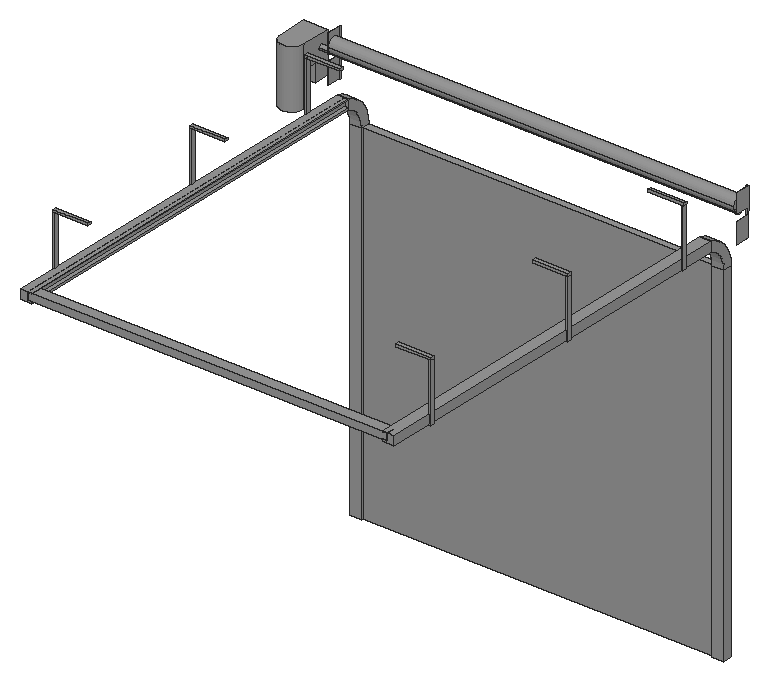
Revit family "cekchionnie_protivopozarnie_vorota_firetecnics_ei60", category Двери, Revit 2018
Family settings
  Основа = Стена
  Номер OmniClass = 23.30.10.00
  Заголовок OmniClass = Doors
  Всегда вертикально = Да
  При загрузке вырезать с полостями = Нет
  Общий = Нет
  Точка расчета площади = Нет
Parameters (values of type "Секционные противопожарные ворота FireTechnics EI60")
  Ширина полотна = 60 mm  # constant formula
  Диаметр втулки = 20 mm
  дальняя точка мотора = 450 mm  # constant formula
  высота верхней направляющей = 200 mm  # constant formula
  Ширина направляющих = 100 mm  # constant formula
  Ширина люка = 200 mm  # constant formula
  Ширина двери = 1000 mm  # constant formula
  Ширина верхней направляющей = ADSK_Размер_Высота + 600 mm  # 3600 mm
  Функция = Внутренние слои
  Разработано = "support@bimlib.ru"  # constant formula
  Противопожарный лючок [instance] = no
  Противопожарная дверь есть [instance] = no
  Огнестойкость = "EI60"
  Материал полотна = Firetech полотно
  Материал направляющих = Сталь_оцинкованная_листовая
  Крепеж на стену = 250 mm  # constant formula
  Изготовитель = "Firetechnics"  # constant formula
  Длина направляющей = 75.5 mm  # constant formula
  Глубина выступа = 40 mm  # constant formula
  Высота мотора = 500 mm  # constant formula
  Высота лючка = 200 mm  # constant formula
  Высота кронштейна [instance] = 500 mm
  Высота двери = 2000 mm  # constant formula
  Height = ADSK_Размер_Высота  # 3000 mm
  Замыкание стены = По основе
  Width = ADSK_Размер_Ширина  # 3000 mm
  Ворота закрыто [instance] = yes
  Видимость2 [instance] = and(Ворота закрыто, Противопожарный лючок)  # no
  Видимость1 [instance] = and(Ворота закрыто, Противопожарная дверь есть)  # no
  Верхнее полотно видимость [instance] = and(Ворота закрыто, Верхнее полотно)  # no
  Верхнее полотно [instance] = not(Ворота закрыто)  # no
  Аналитическая конструкция = "<Нет>"
  URL = "https://www.fire-tec.ru/"
  ADSK_Размер_Ширина = 3000 mm
  ADSK_Размер_Высота = 3000 mm
  ADSK_Примечание [instance] = ""
  ADSK_Предел огнестойкости = "EI60"
  ADSK_Позиция [instance] = ""
  ADSK_Обозначение = ""
  ADSK_Наименование = "Секционные противопожарные ворота FireTechnics EI60"
  ADSK_Масса_Текст = ""
  ADSK_Завод-изготовитель = Изготовитель  # "Firetechnics"
  ADSK_Единица измерения = ""
  ADSK_URL страницы изделия = "https://www.fire-tec.ru/catalog/protivopozharnye-vorota/sektsionnye-protivopozharnye-vorota/"
  ADSK_URL документации изделия = ""
Reference planes
  plane 1: y = 0
  plane 2 "По центру (Влево/Вправо)": x = 0
  plane 3 "Слева": x = -1500
  plane 4 "Справа": x = 1500
  plane 5: z = 3000
  plane 6 "Наружный": y = 75
  plane 7 "Внутренние": y = -72.954
  plane 8: x = -1750
  plane 9: x = 1750
  plane 10: x = -1950
  plane 11: x = -1600
  plane 12: x = 1600
  plane 13: y = -148.454
  plane 14: y = -78.839
  plane 15: y = -138.839
  plane 16: x = 1540
  plane 17: x = -1540
  plane 18: z = 3200
  plane 19: z = 3500
  plane 20: z = 3280
  plane 21: z = 3275
  plane 22: z = 3215
  plane 23: y = -3672.954
  plane 24: y = -3448.125
  plane 25: y = -280.885
  plane 26: y = -3573.125
  plane 27: z = 3500
  plane 28: x = -735
  plane 29: x = 735
  plane 30: x = -500
  plane 31: x = 500
  plane 32: x = 1200
  plane 33: x = 1400
  plane 34: z = 279.862
  plane 35: z = 79.862
  plane 36: z = 2000
  plane 37: x = -1850
  plane 38: x = -1735
  plane 39: x = 1735
  plane 40: y = -3272.954
  plane 41: z = 3200
  plane 42: z = 3240
  plane 43: z = 3700
  plane 44: z = 3720
  plane 45: x = -1617
  plane 46: x = -1317
  plane 47: x = 1317
  plane 48: x = 3117
  plane 49: y = -543.594
  plane 50: y = -573.636
  plane 51: y = -3272.912
  plane 52: y = -3302.954
  plane 53: x = 1620
  plane 54: y = -3302.912
  plane 55: x = -1617
  plane 56: y = -603.636
  plane 57: y = -1836.477
  plane 58: y = -1806.477
Forms (mm)
  Extrusion 1, void
    sketch origin (0, 0, 0) x (1, 0, 0) y (0, 1, 0)
      loop
        line (-1500, 77.046) -> (-1500, -72.954) -> (-2560, -72.954) -> (-2560, -4749.168) -> (4340, -4749.168) -> (4340, -72.954) -> (1500, -72.954) -> (1500, 77.046) -> (-1500, 77.046)
    from 0 to 3000
  Extrusion 2, solid, material "Сталь_оцинкованная_листовая" <- "Материал направляющих"
    sketch origin (0, 0, 0) x (1, 0, 0) y (0, 1, 0)
      loop
        line (-1500, -78.839) -> (-1500, -72.954) -> (-1600, -72.954) -> (-1600, -148.454) -> (-1500, -148.454) -> (-1500, -138.839) -> (-1540, -138.839) -> (-1540, -78.839) -> (-1500, -78.839)
    from 0 to 3000
  Extrusion 3, solid, material "Сталь_оцинкованная_листовая" <- "Материал направляющих"
    sketch origin (0, 0, 0) x (1, 0, 0) y (0, 1, 0)
      loop
        line (1600, -72.954) -> (1500, -72.954) -> (1500, -78.839) -> (1540, -78.839) -> (1540, -138.839) -> (1500, -138.839) -> (1500, -148.454) -> (1600, -148.454) -> (1600, -72.954)
    from 0 to 3000
  Extrusion 4, solid, material "Firetech полотно" <- "Материал полотна", visible <- "Ворота закрыто"
    sketch origin (0, 0, 0) x (1, 0, 0) y (0, 1, 0)
      loop
        line (-1540, -78.839) -> (-1540, -138.839) -> (1540, -138.839) -> (1540, -78.839) -> (-1540, -78.839)
    from 0 to 3000
  Extrusion 5, solid, material "Сталь_оцинкованная_листовая" <- "Материал направляющих"
    sketch origin (0, 75, 0) x (1, 0, 0) y (0, 0, 1)
      loop
        line (1500, 3275) -> (1540, 3275) -> (1540, 3215) -> (1500, 3215) -> (1500, 3200) -> (1600, 3200) -> (1600, 3280) -> (1500, 3280) -> (1500, 3275)
      loop
        line (-1500, 3275) -> (-1500, 3280) -> (-1600, 3280) -> (-1600, 3200) -> (-1500, 3200) -> (-1500, 3215) -> (-1540, 3215) -> (-1540, 3275) -> (-1500, 3275)
    from 355.885 to 3747.954
  Extrusion 6, solid, material "Firetech полотно" <- "Материал полотна", visible <- "Верхнее полотно"
    sketch origin (0, 75, 0) x (1, 0, 0) y (0, 0, 1)
      loop
        line (1540, 3275) -> (-1540, 3275) -> (-1540, 3215) -> (1540, 3215) -> (1540, 3275)
    from 355.885 to 3523.125
  Extrusion 7, solid, material "Сталь_оцинкованная_листовая" <- "Материал направляющих"
    sketch origin (0, 0, 0) x (0, 1, 0) y (0, 0, 1)
      loop
        line (-148.454, 3000) -> (-72.954, 3000)
        arc (-72.954, 3000) -> (-126.773, 3177.239) -> (-280.885, 3280) r 274.653
        line (-280.885, 3280) -> (-280.885, 3200)
        arc (-280.885, 3200) -> (-184.574, 3119.928) -> (-148.454, 3000) r 217.303
    from 1500 to 1600
  Extrusion 8, solid, material "Сталь_оцинкованная_листовая" <- "Материал направляющих"
    sketch origin (0, 0, 0) x (0, 1, 0) y (0, 0, 1)
      loop
        line (-3672.954, 3275) -> (-3672.954, 3215) -> (-3573.125, 3215) -> (-3573.125, 3275) -> (-3672.954, 3275)
    from -1540 to 1540
  Extrusion 9, solid, material "Сталь_оцинкованная_листовая" <- "Материал направляющих"
    sketch origin (0, 0, 0) x (0, 1, 0) y (0, 0, 1)
      loop
        circle (-148.454, 3500) r 20
    from -1850 to 1735
  Extrusion 10, solid, material "Сталь_оцинкованная_листовая" <- "Материал направляющих"
    sketch origin (0, 0, 0) x (0, 1, 0) y (0, 0, 1)
      loop
        circle (-148.454, 3557.01) r 60
    from -1735 to 1735
  Extrusion 11, solid, material "Firetech полотно" <- "Материал полотна", visible <- "Видимость2"
    sketch origin (0, 0, 0) x (1, 0, 0) y (0, 1, 0)
      loop
        line (1200, -78.839) -> (1200, -138.839) -> (1400, -138.839) -> (1400, -78.839) -> (1200, -78.839)
    from 79.862 to 279.862
  Extrusion 12, solid, material "Firetech полотно" <- "Материал полотна", visible <- "Видимость1"
    sketch origin (0, 0, 0) x (1, 0, 0) y (0, 1, 0)
      loop
        line (-500, -78.839) -> (-500, -138.839) -> (500, -138.839) -> (500, -78.839) -> (-500, -78.839)
    from 79.862 to 2000
  Extrusion 13, solid, material "Сталь_оцинкованная_листовая" <- "Материал направляющих", detail levels fine
    sketch origin (-2, -215.381, 0) x (1, 0, 0) y (0, 1, 0)
      loop
        line (-1600, -358.256) -> (-1615, -358.256) -> (-1615, -388.256) -> (-1600, -388.256) -> (-1600, -358.256)
      loop
        line (1604.116, -358.256) -> (1604.116, -388.256) -> (1619.116, -388.256) -> (1619.116, -358.256) -> (1604.116, -358.256)
    from 3200 to 3700
  Extrusion 14, solid, material "Сталь_оцинкованная_листовая" <- "Материал направляющих", detail levels fine
    sketch origin (-2, -3945.338, 0) x (1, 0, 0) y (0, 1, 0)
      loop
        line (-1598, 672.384) -> (-1613, 672.384) -> (-1613, 642.384) -> (-1598, 642.384) -> (-1598, 672.384)
      loop
        line (1604.116, 672.426) -> (1604.116, 642.426) -> (1619.116, 642.426) -> (1619.116, 672.426) -> (1604.116, 672.426)
    from 3700 to 3200
  Extrusion 15, solid, material "Сталь_оцинкованная_листовая" <- "Материал направляющих", detail levels fine
    sketch origin (0, -1094.239, 0) x (1, 0, 0) y (0, 1, 0)
      loop
        line (1600, -712.238) -> (1600, -742.238) -> (1620, -742.238) -> (1620, -712.238) -> (1600, -712.238)
      loop
        line (-1600, -712.238) -> (-1620, -712.238) -> (-1620, -742.238) -> (-1600, -742.238) -> (-1600, -712.238)
    from 3200 to 3700
  Extrusion 16, solid, material "Сталь_оцинкованная_листовая" <- "Материал направляющих", detail levels fine
    sketch origin (0, 0, 0) x (0, 1, 0) y (0, 0, 1)
      loop
        line (-3272.954, 3720) -> (-3302.912, 3720) -> (-3302.912, 3700) -> (-3272.954, 3700) -> (-3272.954, 3720)
      loop
        line (-1806.477, 3720) -> (-1836.477, 3720) -> (-1836.477, 3700) -> (-1806.477, 3700) -> (-1806.477, 3720)
    from -1617 to -1317
  Extrusion 17, solid, material "Сталь_оцинкованная_листовая" <- "Материал направляющих", detail levels fine
    sketch origin (0, 0, 0) x (0, 1, 0) y (0, 0, 1)
      loop
        line (-3302.912, 3720) -> (-3302.912, 3700) -> (-3272.912, 3700) -> (-3272.912, 3720) -> (-3302.912, 3720)
      loop
        line (-1836.477, 3720) -> (-1836.477, 3700) -> (-1806.477, 3700) -> (-1806.477, 3720) -> (-1836.477, 3720)
    from 1317 to 1620
  Extrusion 18, solid, material "Сталь_оцинкованная_листовая" <- "Материал направляющих", detail levels fine
    sketch origin (0, -30, 0) x (0, 1, 0) y (0, 0, 1)
      loop
        line (-543.594, 3720) -> (-573.636, 3720) -> (-573.636, 3700) -> (-543.594, 3700) -> (-543.594, 3720)
    from -1617 to -1317
  Extrusion 19, solid, material "Сталь_оцинкованная_листовая" <- "Материал направляющих", detail levels fine
    sketch origin (0, -30, 0) x (0, 1, 0) y (0, 0, 1)
      loop
        line (-573.636, 3720) -> (-573.636, 3700) -> (-543.636, 3700) -> (-543.636, 3720) -> (-573.636, 3720)
    from 1317 to 1620
  Extrusion 20, solid, material "Сталь_оцинкованная_листовая" <- "Материал направляющих"
    sketch origin (0, 0, 0) x (0, 1, 0) y (0, 0, -1)
      loop
        arc (-148.454, -3000) -> (-184.574, -3119.928) -> (-280.885, -3200) r 217.303
        line (-280.885, -3200) -> (-280.885, -3280)
        arc (-280.885, -3280) -> (-126.825, -3177.217) -> (-73.04, -3000) r 274.651
        line (-73.04, -3000) -> (-148.454, -3000)
    from 1500 to 1600
Cuts and joins
  joined: Extrusion 9, Extrusion 10
Lines and regions (mm)
  symbolic lines, style "Doors"
    curve 1: line (1750, -72.997, 0) -> (1750, -475, 0)
    curve 2: line (1750, -275, 0) -> (-2050, -275, 0)
    curve 3: line (-2050, -72.997, 0) -> (-2050, -543.435, 0)
Text (mm)
  text "Наружный" at (-2295.016, 1099.543, 0), in view "Опорный уровень"
  text "Наружный" at (0, 1615.38, 3698.081), in view "Слева"
  text "Наружный" at (0, 1036.032, 3874.932), in view "Справа"
Dimensions and locks
  equal spacing: plane 3 "Слева", plane 2 "По центру (Влево/Вправо)", plane 4 "Справа"
  "Width": plane 3 "Слева" to plane 4 "Справа"
  "Height": plane 5 to host wall
  host wall to plane 5 = 3000 mm  (x2)
  plane 6 "Наружный" to host wall = 2.046 mm
  locked: plane 7 "Внутренние" to host wall
  "Крепеж на стену": plane 8 to plane 3 "Слева"
  "дальняя точка мотора": plane 10 to plane 3 "Слева"
  "Крепеж на стену": plane 4 "Справа" to plane 9
  "Ширина направляющих": plane 11 to plane 3 "Слева"
  "Ширина направляющих": plane 4 "Справа" to plane 12
  "Длина направляющей": plane 7 "Внутренние" to plane 13
  "Ширина полотна": plane 14 to plane 15
  "высота верхней направляющей": plane 18 to plane 5
  "Высота мотора": plane 19 to plane 5
  locked: plane 20 to plane 18 at 80
  plane 20 to plane 21 = 5 mm
  locked: plane 7 "Внутренние" to plane 14 at 5.885
  plane 18 to plane 20 = 80 mm
  plane 21 to plane 20 = 5 mm
  "Ширина полотна": plane 22 to plane 21
  plane 23 to plane 24 = 224.83 mm
  plane 25 to plane 14 = 202.046 mm
  locked: nested 3 to plane 7 "Внутренние" at 180
  locked: nested 3 to plane 10 at 0
  locked: plane 27 to plane 19 at 0
  locked: cut or joined group of Extrusion 9, Extrusion 10 to plane 14 at 129.658
  "Диаметр втулки": Extrusion 9 sketch curve to plane 13
  "Ширина верхней направляющей": plane 23 to plane 7 "Внутренние"
  plane 23 to plane 26 = 99.83 mm
  locked: plane 33 to plane 4 "Справа" at 100
  "Ширина люка": plane 32 to plane 33
  equal spacing: plane 30, plane 2 "По центру (Влево/Вправо)", plane 31
  "Ширина двери": plane 30 to plane 31
  locked: nested 4 to plane 15
  locked: plane 14 to nested 5 at 0
  locked: nested 5 to plane 2 "По центру (Влево/Вправо)" at 359
  "Высота лючка": plane 34 to plane 35
  locked: plane 35 to level at 79.862
  Extrusion 1 to Extrusion 3 = 4060 mm
  "Высота двери": level to plane 36
  locked: nested 4 to plane 2 "По центру (Влево/Вправо)" at 358.88
  "Глубина выступа": plane 4 "Справа" to plane 16
  "Глубина выступа": plane 17 to plane 3 "Слева"
  locked: plane 4 "Справа" to plane 39 at 235
  locked: plane 38 to plane 3 "Слева" at 235
  locked: plane 3 "Слева" to plane 37 at 350
  locked: plane 40 to plane 23 at 400
  locked: plane 27 to plane 41 at 300
  plane 19 to plane 41 = 300 mm
  locked: plane 42 to plane 41 at 40
  locked: Extrusion 13 sketch curve to Extrusion 13 sketch curve at 15  (x2)
  locked: Extrusion 13 sketch curve to Extrusion 13 sketch curve at 30
  Extrusion 13 sketch curve to Extrusion 13 sketch curve = 30 mm
  locked: plane 12 to Extrusion 13 at 2.116
  Extrusion 13 to plane 7 "Внутренние" = 530.682 mm
  locked: Extrusion 13 to plane 11 at 2
  "Высота кронштейна": plane 43 to plane 41
  locked: plane 46 to plane 3 "Слева" at 183
  locked: plane 44 to plane 43 at 20
  locked: plane 4 "Справа" to plane 47 at 183
  locked: plane 45 to plane 46 at 300
  locked: plane 49 to plane 50 at 30.043
  locked: Extrusion 14 sketch curve to Extrusion 14 sketch curve at 15  (x2)
  locked: Extrusion 14 sketch curve to Extrusion 14 sketch curve at 30  (x2)
  locked: plane 40 to plane 51 at 0.043
  locked: plane 52 to plane 51 at 30.043
  plane 53 to Extrusion 3 = 20 mm
  locked: plane 40 to plane 54 at 29.957
  locked: plane 11 to plane 55 at 17
  locked: plane 12 to plane 53 at 20
  locked: plane 56 to plane 50 at 30
  locked: plane 58 to plane 57 at 30
  equal spacing: plane 1, plane 57, plane 23
  aligned and locked: host wall to Extrusion 1 sketch curve
  aligned and locked: Extrusion 1 sketch curve to plane 4 "Справа"
  aligned and locked: plane 3 "Слева" to Extrusion 1 sketch curve
  aligned and locked: Extrusion 1 sketch curve to host wall
  aligned and locked: plane 3 "Слева" to Extrusion 2 sketch curve
  aligned and locked: Extrusion 2 sketch curve to plane 17
  aligned and locked: Extrusion 2 sketch curve to plane 3 "Слева"
  aligned and locked: Extrusion 2 sketch curve to plane 7 "Внутренние"
  aligned and locked: plane 14 to Extrusion 2 sketch curve
  aligned and locked: plane 15 to Extrusion 2 sketch curve
  aligned and locked: Extrusion 2 sketch curve to plane 13
  aligned and locked: plane 11 to Extrusion 2 sketch curve
  aligned and locked: Extrusion 3 sketch curve to plane 7 "Внутренние"
  aligned and locked: plane 4 "Справа" to Extrusion 3 sketch curve  (x2)
  aligned and locked: plane 14 to Extrusion 3 sketch curve
  aligned and locked: Extrusion 3 sketch curve to plane 15
  aligned and locked: Extrusion 3 sketch curve to plane 16
  aligned and locked: plane 13 to Extrusion 3 sketch curve
  aligned and locked: plane 12 to Extrusion 3 sketch curve
  aligned and locked: Extrusion 4 sketch curve to Extrusion 2  (x2)
  aligned and locked: Extrusion 4 sketch curve to Extrusion 3  (x2)
  aligned and locked: Extrusion 4 to plane 5
  aligned and locked: Extrusion 2 to plane 5
  aligned and locked: Extrusion 3 to plane 5
  aligned and locked: plane 20 to Extrusion 5 sketch curve  (x2)
  aligned and locked: Extrusion 5 sketch curve to plane 3 "Слева"  (x2)
  aligned and locked: Extrusion 5 sketch curve to plane 21  (x2)
  aligned and locked: plane 17 to Extrusion 5 sketch curve
  aligned and locked: plane 22 to Extrusion 5 sketch curve  (x2)
  aligned and locked: Extrusion 5 sketch curve to plane 18  (x2)
  aligned and locked: Extrusion 5 sketch curve to plane 11
  aligned and locked: plane 16 to Extrusion 5 sketch curve
  aligned and locked: Extrusion 5 sketch curve to plane 4 "Справа"
  aligned and locked: Extrusion 5 sketch curve to plane 12
  aligned and locked: Extrusion 6 sketch curve to Extrusion 5  (x4)
  aligned and locked: Extrusion 5 to plane 23
  aligned and locked: Extrusion 6 to plane 24
  aligned and locked: plane 25 to Extrusion 6
  aligned and locked: Extrusion 5 to Extrusion 6
  aligned and locked: Extrusion 7 sketch curve to plane 5
  aligned and locked: plane 25 to Extrusion 7 sketch curve
  aligned and locked: plane 12 to Extrusion 7
  aligned and locked: plane 4 "Справа" to Extrusion 7
  aligned and locked: plane 16 to Extrusion 8
  aligned and locked: Extrusion 8 to plane 17
  aligned and locked: Extrusion 8 to Extrusion 5
  aligned and locked: nested 1 to plane 7 "Внутренние"
  aligned and locked: plane 9 to nested 1
  aligned and locked: nested 3 to plane 7 "Внутренние"
  aligned and locked: nested 3 to plane 27
  aligned and locked: plane 7 "Внутренние" to nested 2
  aligned and locked: plane 8 to nested 2
  aligned and locked: plane 27 to nested 1
  aligned and locked: nested 2 to plane 27
  aligned and locked: curve 1 to plane 9
  aligned and locked: Extrusion 8 sketch curve to plane 26
  aligned and locked: plane 21 to Extrusion 8
  aligned and locked: plane 22 to Extrusion 8
  aligned and locked: Extrusion 5 to Extrusion 8
  aligned and locked: plane 14 to Extrusion 11 sketch curve
  aligned and locked: plane 32 to Extrusion 11 sketch curve
  aligned and locked: Extrusion 11 sketch curve to plane 15
  aligned and locked: Extrusion 11 sketch curve to plane 33
  aligned and locked: Extrusion 12 sketch curve to plane 14
  aligned and locked: plane 30 to Extrusion 12 sketch curve
  aligned and locked: Extrusion 12 sketch curve to plane 31
  aligned and locked: plane 15 to Extrusion 12 sketch curve
  aligned and locked: Extrusion 11 to plane 34
  aligned and locked: plane 35 to Extrusion 11
  aligned and locked: Extrusion 1 to plane 5
  aligned and locked: Extrusion 12 to plane 36
  aligned and locked: Extrusion 12 to plane 35
  aligned and locked: cut or joined group of Extrusion 9, Extrusion 10 to plane 37
  aligned and locked: plane 38 to nested 2
  aligned and locked: cut or joined group of Extrusion 9, Extrusion 10 to plane 38
  aligned and locked: plane 39 to cut or joined group of Extrusion 9, Extrusion 10  (x2)
  aligned and locked: Extrusion 14 to plane 43
  aligned and locked: Extrusion 14 to plane 41
  aligned and locked: Extrusion 15 to plane 43
  aligned and locked: Extrusion 15 to plane 18
  aligned and locked: plane 44 to Extrusion 16 sketch curve  (x2)
  aligned and locked: Extrusion 16 sketch curve to plane 40
  aligned and locked: Extrusion 16 sketch curve to Extrusion 14  (x2)
  aligned and locked: Extrusion 16 sketch curve to Extrusion 15  (x2)
  aligned and locked: plane 55 to Extrusion 16
  aligned and locked: Extrusion 16 to plane 46
  aligned and locked: Extrusion 17 sketch curve to Extrusion 16  (x4)
  aligned and locked: Extrusion 17 sketch curve to Extrusion 14  (x2)
  aligned and locked: Extrusion 15 to Extrusion 17 sketch curve
  aligned and locked: Extrusion 17 sketch curve to Extrusion 15
  aligned and locked: plane 53 to Extrusion 17
  aligned and locked: Extrusion 17 to plane 47
  aligned and locked: plane 55 to Extrusion 18
  aligned and locked: Extrusion 18 to plane 46
  aligned and locked: Extrusion 19 sketch curve to Extrusion 18
  aligned and locked: Extrusion 19 to plane 53
  aligned and locked: plane 47 to Extrusion 19
  aligned and locked: Extrusion 18 to Extrusion 13
  aligned and locked: plane 56 to Extrusion 13
  aligned and locked: Extrusion 13 to plane 50
  aligned and locked: Extrusion 19 to Extrusion 13
  aligned and locked: Extrusion 19 to plane 50
  aligned and locked: plane 44 to Extrusion 19
  aligned and locked: plane 43 to Extrusion 19
  aligned and locked: Extrusion 13 to plane 43
  aligned and locked: Extrusion 13 to plane 41
  aligned and locked: Extrusion 15 to plane 57  (x2)
  aligned and locked: Extrusion 16 to plane 58
  aligned and locked: Extrusion 15 to plane 58  (x2)
  aligned and locked: Extrusion 20 to plane 11
  aligned and locked: Extrusion 20 to plane 3 "Слева"
  aligned and locked: nested 3 to curve 3
Automatic sketch dimensions
  host wall to Extrusion 1 sketch curve = 0 mm
  Extrusion 1 sketch curve to plane 10 = 610 mm
  plane 48 to Extrusion 1 sketch curve = 1223 mm
  Extrusion 1 sketch curve to plane 23 = 1076.214 mm
  plane 4 "Справа" to Extrusion 5 sketch curve = 0 mm
  Extrusion 7 sketch curve to plane 13 = 0 mm
  Extrusion 7 sketch curve to host wall = 0 mm
  Extrusion 7 sketch curve to plane 18 = 0 mm
  Extrusion 7 sketch curve to plane 20 = 0 mm
  Extrusion 7 sketch curve to plane 5 = 13.492 mm
  plane 5 to Extrusion 7 sketch curve = 0.043 mm
  Extrusion 8 sketch curve to plane 21 = 0 mm
  Extrusion 8 sketch curve to plane 23 = 0 mm
  plane 22 to Extrusion 8 sketch curve = 0 mm
  Extrusion 10 sketch curve to plane 13 = 0 mm
  plane 19 to Extrusion 10 sketch curve = 57.01 mm
  Extrusion 13 sketch curve to plane 45 = 0 mm
  Extrusion 13 sketch curve to plane 50 = 0 mm
  Extrusion 13 sketch curve to plane 56 = 0 mm
  plane 12 to Extrusion 13 sketch curve = 2.116 mm
  plane 40 to Extrusion 14 sketch curve = 0 mm
  Extrusion 14 sketch curve to plane 11 = 0 mm
  plane 51 to Extrusion 14 sketch curve = 0 mm
  plane 12 to Extrusion 14 sketch curve = 2.116 mm
  plane 58 to Extrusion 15 sketch curve = 0 mm  (x2)
  Extrusion 15 sketch curve to plane 57 = 0 mm  (x2)
  Extrusion 15 sketch curve to plane 11 = 0 mm
  Extrusion 15 sketch curve to plane 12 = 0 mm
  Extrusion 15 sketch curve to plane 53 = 0 mm
  plane 45 to Extrusion 15 sketch curve = 3 mm
  Extrusion 16 sketch curve to plane 58 = 0 mm
  Extrusion 18 sketch curve to plane 44 = 0 mm
  Extrusion 18 sketch curve to plane 56 = 0 mm
  plane 43 to Extrusion 18 sketch curve = 0 mm
  plane 50 to Extrusion 18 sketch curve = 0.043 mm
  plane 43 to Extrusion 19 sketch curve = 0 mm
  Extrusion 19 sketch curve to plane 56 = 0 mm
  Extrusion 19 sketch curve to plane 50 = 0 mm
  Extrusion 20 sketch curve to plane 18 = 0 mm
  Extrusion 20 sketch curve to plane 25 = 0 mm
  plane 5 to Extrusion 20 sketch curve = 0 mm
  Extrusion 20 sketch curve to plane 13 = 0 mm
  Extrusion 20 sketch curve to plane 20 = 0 mm
  Extrusion 20 sketch curve to plane 5 = 13.515 mm
  Extrusion 20 sketch curve to plane 25 = 66.473 mm
  plane 5 to Extrusion 20 sketch curve = 0.043 mm
  plane 49 to curve 3 = 0.159 mm
  plane 49 to curve 1 = 68.594 mm
  plane 25 to curve 2 = 5.885 mm
  host wall to curve 3 = 0.043 mm
  host wall to curve 1 = 0.043 mm
  Extrusion 9 sketch curve to plane 13 = 0 mm
  Extrusion 9 sketch curve to plane 19 = 0 mm
  radius of Extrusion 10 sketch curve = 60 mm
Nested families
  nested 1: "кронштейн на стену s ei60" at (1742.5, -133.432, 3464.3) x (0, -1, 0) z (0, 0, 1), type "кронштейн на стену s ei60"
  nested 2: "кронштейн на стену s ei60" at (-1742.5, -133.432, 3464.3) x (0, -1, 0) z (0, 0, 1), type "кронштейн на стену s ei60"
  nested 3: "Двигатель" at (-1950, -252.954, 3500), type "Двигатель", detail levels fine
  nested 4: "ручка двери" at (-358.88, -138.839, 920), visible <- "Видимость1", type "ручка влево", detail levels fine
  nested 5: "ручка двери" at (-359, -78.839, 920), visible <- "Видимость1", type "ручка влево", detail levels fine
Definition of nested family "кронштейн на стену s ei60"
  Parameters (values of type "кронштейн на стену s ei60")
    материал = none
  Reference planes
    plane 1 "По центру (Вперед/Назад)": y = 0
    plane 2: z = 0
    plane 3 "По центру (Влево/Вправо)": x = 0
    plane 4: y = 102.5
    plane 5: y = -102.5
    plane 6: x = -60.477
    plane 7: x = 60
    plane 8: z = 50
    plane 9: z = 65
  Forms (mm)
    Extrusion 1, solid, material <- "материал"
      sketch origin (-60.477, 2.5, 0) x (0, 1, 0) y (0, 0, 1)
        loop
          line (0, 200) -> (-10, 200) -> (-10, -200) -> (0, -200) -> (0, 200)
      from 0 to 10
    Extrusion 2, solid, material <- "материал"
      sketch origin (-60.477, 2.5, 80) x (0, 1, 0) y (0, 0, 1)
        loop
          line (0, 120) -> (0, -44.3) -> (5, -44.3) -> (5, 120) -> (0, 120)
      from 10 to 120.477
    Extrusion 3, solid, material <- "материал"
      sketch origin (-60.477, 2.5, 0) x (0, 1, 0) y (0, 0, 1)
        loop
          line (0, -200) -> (5, -200) -> (5, -20.444) -> (0, -20.444) -> (0, -200)
      from 10 to 120.477
    Extrusion 4, solid, material <- "материал"
      sketch origin (-60.477, 2.5, 0) x (0, 1, 0) y (0, 0, 1)
        loop
          line (0, 200) -> (0, -200) -> (5, -200) -> (5, 200) -> (0, 200)
      from 0 to 10
  Cuts and joins
    joined: Extrusion 1, Extrusion 2, Extrusion 3, Extrusion 4
  Dimensions and locks
    equal spacing: plane 4, plane 1 "По центру (Вперед/Назад)", plane 5
    plane 4 to plane 5 = 205 mm
    Extrusion 4 to plane 3 "По центру (Влево/Вправо)" = 50.477 mm
    aligned and locked: level to plane 2
    aligned and locked: Extrusion 2 to Extrusion 1
    aligned and locked: Extrusion 4 to Extrusion 1
    aligned and locked: plane 7 to Extrusion 2
    aligned and locked: plane 7 to Extrusion 3
  Automatic sketch dimensions
    plane 1 "По центру (Вперед/Назад)" to Extrusion 1 sketch curve = 7.5 mm
    Extrusion 1 sketch curve to plane 1 "По центру (Вперед/Назад)" = 2.5 mm
    Extrusion 1 sketch curve to level = 200 mm
    plane 8 to Extrusion 1 sketch curve = 150 mm
    Extrusion 2 sketch curve to plane 1 "По центру (Вперед/Назад)" = 2.5 mm
    Extrusion 2 sketch curve to Extrusion 2 sketch curve = 5 mm
    level to Extrusion 2 sketch curve = 35.7 mm
    plane 8 to Extrusion 2 sketch curve = 150 mm
    Extrusion 3 sketch curve to plane 1 "По центру (Вперед/Назад)" = 2.5 mm
    Extrusion 3 sketch curve to Extrusion 3 sketch curve = 5 mm
    Extrusion 3 sketch curve to level = 200 mm
    Extrusion 3 sketch curve to level = 20.444 mm
    Extrusion 4 sketch curve to plane 1 "По центру (Вперед/Назад)" = 2.5 mm
    Extrusion 4 sketch curve to Extrusion 4 sketch curve = 5 mm
    Extrusion 4 sketch curve to level = 200 mm
    plane 8 to Extrusion 4 sketch curve = 150 mm
Definition of nested family "Двигатель"
  Reference planes
    plane 1 "По центру (Вперед/Назад)": y = 0
    plane 2: z = 0
    plane 3 "По центру (Влево/Вправо)": x = 0
  Forms (mm)
    Extrusion 1, solid
      sketch origin (0, -75, 0) x (1, 0, 0) y (0, 1, 0)
        loop
          line (-100, 255) -> (-100, 0) -> (100, 0) -> (100, 255) -> (-100, 255)
      from -100 to 100
    Extrusion 2, solid
      sketch origin (0, -75, 0) x (1, 0, 0) y (0, 1, 0)
        loop
          circle (0, 0) r 100
      from -400 to 100
    Extrusion 3, solid
      sketch origin (0, -75, 0) x (1, 0, 0) y (0, 1, 0)
        loop
          line (100, 255) -> (-100, 255) -> (-100, 125) -> (100, 125) -> (100, 255)
      from -250 to 0
  Cuts and joins
    joined: Extrusion 1, Extrusion 2, Extrusion 3
  Dimensions and locks
    Extrusion 1 sketch curve to plane 3 "По центру (Влево/Вправо)" to Extrusion 1 sketch curve = 100 mm, 100 mm
    plane 1 "По центру (Вперед/Назад)" to Extrusion 1 sketch curve = 180 mm
    radius of Extrusion 2 sketch curve = 100 mm
    aligned and locked: level to plane 2
    aligned and locked: Extrusion 3 sketch curve to cut or joined group of Extrusion 1, Extrusion 2, Extrusion 3  (x2)
    aligned and locked: cut or joined group of Extrusion 1, Extrusion 2, Extrusion 3 to Extrusion 3 sketch curve
    aligned and locked: level to Extrusion 3
Definition of nested family "ручка двери"
  Parameters (values of type "ручка вправо")
    материал ручки = none
  Types (2): name
    ручка вправо
    ручка влево
  Reference planes
    plane 1 "По центру (Вперед/Назад)": y = 0
    plane 2: z = 0
    plane 3 "По центру (Влево/Вправо)": x = 0
    plane 4: y = -94.522
    plane 5: through (90.978, -140.02, 1571.813) normal (-1, 0, 0.003)
    plane 6: y = -74.753
  Forms (mm)
    Extrusion 1, solid, material <- "материал ручки"
      sketch origin (0, 0, 28.186) x (1, 0, 0) y (0, 0, 1)
        loop
          line (-64.593, 122.232) -> (-64.593, -92.42) -> (6.493, -92.42) -> (6.493, 122.232) -> (-64.593, 122.232)
      from 0 to 5
    Extrusion 2, solid, material <- "материал ручки"
      sketch origin (-9.05, 15, 48.105) x (-0.999996, 0, 0.002989) y (0, -1, 0)
        loop
          line (4.809, 20) -> (20, 20) -> (20, 82.112)
          arc (20, 82.112) -> (14.468, 99.078) -> (0, 109.522) r 28.783
          line (0, 109.522) -> (-95.473, 109.522)
          arc (-95.473, 109.522) -> (-109.942, 99.078) -> (-115.473, 82.112) r 28.783
          line (-115.473, 82.112) -> (-100.473, 82.112)
          arc (-100.473, 82.112) -> (-98.235, 87.515) -> (-92.832, 89.753) r 7.641
          line (-92.832, 89.753) -> (-2.832, 89.753)
          arc (-2.832, 89.753) -> (2.571, 87.515) -> (4.809, 82.112) r 7.641
          line (4.809, 82.112) -> (4.809, 20)
      from 0 to 20
  Dimensions and locks
    aligned and locked: level to plane 2
